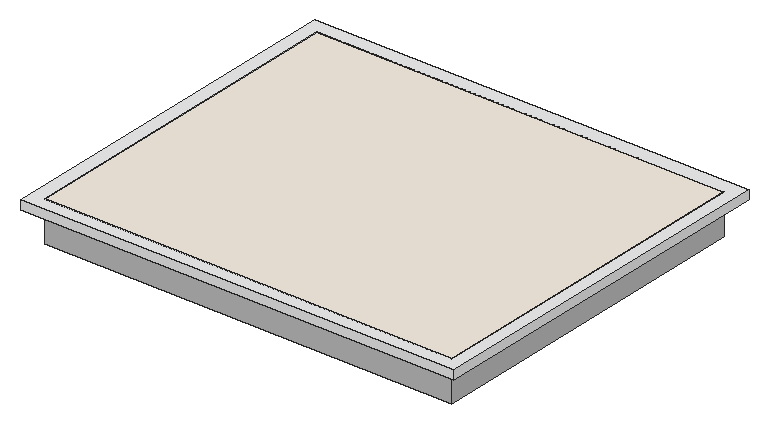
Revit family "Lighting-Industrial-GEWISS-ELIA-HL-LED_HIGHBAY", category Apparecchi per illuminazione, host Superficie, Revit 2019 (continued)
Types (12, lengths in mm): name | Weight (kg): | Weight (kg) | Voltage | Technical sheet | System power | Optic | built-in parameter 1150142 | Lumen output (lm) | Model | IDT | File diagramma fotometrico | Description
    66 8260.10 8264.93 8269.76 8272.98 8273.79 \r\n8273.79 8272.18 8268.15 8263.32 8256.08 8247.22 8236.76 \r\n8223.88 8209.39 8192.48 8173.97 8153.84 8130.50 8103.93 \r\n8076.56 8045.97 8013.77 7976.74 7938.91 7896.24 7850.36 \r\n7800.45 7745.71 7686.94 7622.54 7553.31 7478.45 7396.34 \r\n7308.59 7215.21 7115.39 7009.94 6898.85 6782.12 6658.15 \r\n6526.13 6379.62 6220.23 6046.35 5865.23 5686.52 5507.00 \r\n5329.10 5152.80 4978.92 4811.48 4649.68 4493.51 4342.17 \r\n4197.27 4062.03 3934.03 3810.87 3692.54 3576.62 3464.72 \r\n3349.61 3236.91 3126.62 3021.17 2921.35 2825.55 2729.76 \r\n2637.18 2547.83 2461.69 2378.78 2299.08 2219.39 2142.91 \r\n2068.05 1996.40 1926.37 1857.94 1790.32 1722.70 1655.08 \r\n1588.02 1522.01 1457.61 1395.63 1335.74 1277.86 1222.80 \r\n1170.95 1122.49 1077.90 1036.12 996.91 959.40 923.01 \r\n887.19 850.64 814.34 779.00 744.06 708.64 674.43 643.68 \r\n613.89 583.06 553.04 525.18 499.10 475.19 452.57 430.43 \r\n409.02 387.85 367.40 348.24 329.89 311.94 294.47 276.60 \r\n259.61 244.64 230.71 217.43 204.71 192.80 181.37 170.02 \r\n158.63 146.47 134.52 123.74 113.52 103.60 94.00 84.60 \r\n75.51 66.82 58.49 50.44 42.83 35.72 29.15 23.15 17.74 \r\n12.84 8.78 5.91 4.00 2.95 2.79 \r\n8062.88 8063.68 8065.29 8066.90 8069.32 8071.73 8075.76 \r\n8080.59 8085.42 8090.25 8096.69 8102.32 8109.57 8116.81 \r\n8125.67 8133.72 8140.96 8150.62 8159.48 8168.33 8177.99 \r\n8186.85 8196.51 8205.36 8214.22 8223.07 8231.93 8239.17 \r\n8246.42 8253.66 8260.10 8264.93 8269.76 8272.18 8274.59 \r\n8274.59 8272.98 8268.96 8264.13 8257.69 8249.64 8238.37 \r\n8227.10 8211.80 8195.70 8177.19 8157.06 8133.72 8108.76 \r\n8080.59 8050.00 8017.80 7982.38 7944.54 7902.68 7856.80 \r\n7807.69 7753.76 7695.80 7632.20 7563.78 7488.91 7408.41 \r\n7320.67 7228.90 7129.08 7023.62 6913.34 6797.42 6675.06 \r\n6541.43 6396.53 6237.94 6064.87 5884.55 5705.03 5524.71 \r\n5346.00 5168.90 4992.61 4820.34 4657.73 4501.56 4347.80 \r\n4202.10 4065.25 3935.64 3811.68 3694.14 3579.03 3466.33 \r\n3351.22 3237.71 3126.62 3019.56 2920.54 2824.74 2728.14 \r\n2633.96 2544.61 2458.47 2376.36 2296.67 2216.97 2140.49 \r\n2066.43 1993.99 1924.76 1857.13 1789.52 1721.90 1654.28 \r\n1587.22 1520.32 1455.04 1392.33 1332.11 1274.88 1220.62 \r\n1169.18 1120.80 1076.12 1034.34 994.90 957.23 920.60 \r\n884.53 848.07 811.84 776.42 741.40 706.23 672.34 641.99 \r\n612.61 581.69 551.67 523.81 497.81 473.98 451.61 429.63 \r\n408.14 386.96 366.52 347.60 329.41 311.62 294.07 276.03 \r\n258.97 244.08 230.39 217.19 204.47 192.56 181.04 169.53 \r\n157.99 145.85 134.01 123.37 113.28 103.37 93.75 84.36 \r\n75.29 66.65 58.37 50.37 42.78 35.69 29.12 23.14 17.73 \r\n12.87 8.82 5.95 4.04 2.97 2.80 \r\n8062.88 8063.68 8065.29 8066.90 8069.32 8071.73 8075.76 \r\n8080.59 8084.61 8090.25 8095.08 8102.32 8108.76 8116.81 \r\n8124.86 8132.91 8140.96 8149.82 8158.67 8168.33 8177.19 \r\n8186.85 8195.70 8205.36 8214.22 8222.27 8230.32 8238.37 \r\n8246.42 8252.86 8259.30 8264.93 8269.76 8272.98 8273.79 \r\n8274.59 8273.79 8269.76 8265.74 8259.30 8250.44 8240.78 \r\n8228.71 8214.22 8198.12 8180.41 8160.28 8137.74 8112.79 \r\n8085.42 8054.83 8022.63 7988.01 7950.18 7909.12 7864.85 \r\n7815.74 7761.81 7704.65 7642.67 7573.44 7500.18 7419.68 \r\n7333.55 7240.97 7141.96 7037.31 6927.83 6812.71 6689.55 \r\n6557.53 6412.63 6255.65 6083.38 5902.26 5721.94 5540.81 \r\n5362.10 5184.20 5004.68 4831.61 4665.78 4507.19 4353.44 \r\n4206.12 4068.47 3938.06 3813.29 3694.14 3579.84 3467.94 \r\n3352.83 3237.71 3125.82 3017.95 2918.93 2823.14 2726.54 \r\n2633.16 2542.99 2456.86 2373.95 2295.06 2215.36 2138.89 \r\n2064.83 1992.38 1923.95 1856.33 1789.52 1721.90 1654.28 \r\n1586.82 1519.12 1452.86 1389.51 1329.06 1272.38 1218.69 \r\n1167.65 1119.51 1074.76 1032.82 993.13 955.21 918.42 \r\n882.12 845.65 809.51 774.01 738.99 703.97 670.32 640.30 \r\n611.24 580.40 550.30 522.45 496.52 472.86 450.56 428.74 \r\n407.41 386.16 365.71 346.87 328.92 311.13 293.58 275.55 \r\n258.41 243.67 230.15 216.87 204.23 192.31 180.72 169.05 \r\n157.37 145.29 133.55 123.04 113.07 103.15 93.50 84.12 \r\n75.08 66.49 58.26 50.30 42.75 35.67 29.12 23.14 17.74 \r\n12.90 8.88 6.00 4.07 3.00 2.81 \r\n8062.88 8063.68 8065.29 8066.90 8069.32 8071.73 8075.76 \r\n8080.59 8084.61 8090.25 8095.08 8101.52 8108.76 8116.81 \r\n8124.06 8132.11 8140.96 8149.01 8157.87 8166.72 8176.38 \r\n8185.24 8195.70 8203.75 8212.61 8221.46 8230.32 8238.37 \r\n8244.81 8252.86 8258.49 8264.13 8268.96 8272.98 8273.79 \r\n8274.59 8273.79 8271.37 8265.74 8260.10 8252.05 8242.39 \r\n8230.32 8216.63 8200.53 8183.63 8164.31 8140.96 8116.01 \r\n8088.64 8058.85 8026.65 7992.84 7955.81 7914.76 7870.48 \r\n7822.18 7769.86 7712.70 7651.52 7583.90 7509.84 7430.15 \r\n7344.82 7253.05 7154.84 7050.99 6941.51 6826.40 6704.04 \r\n6572.82 6428.73 6273.36 6101.09 5920.77 5739.65 5557.72 \r\n5377.40 5198.69 5017.56 4840.46 4673.02 4513.63 4358.27 \r\n4210.15 4070.88 3939.67 3814.09 3694.14 3580.64 3468.75 \r\n3353.63 3237.71 3125.01 3017.14 2917.32 2822.33 2725.73 \r\n2631.55 2541.39 2455.25 2373.14 2293.45 2215.36 2138.89 \r\n2064.02 1992.38 1923.15 1856.33 1789.52 1721.90 1654.28 \r\n1586.82 1518.47 1451.42 1387.42 1326.72 1270.37 1217.32 \r\n1166.61 1118.63 1073.87 1031.69 991.68 953.52 916.33 \r\n879.95 843.48 807.33 771.67 736.58 701.80 668.47 638.69 \r\n609.79 579.12 549.09 521.40 495.40 471.89 449.59 427.86 \r\n406.69 385.35 364.91 346.23 328.36 310.65 293.10 275.07 \r\n257.84 243.19 229.83 216.63 204.07 192.07 180.40 168.65 \r\n156.81 144.80 133.20 122.79 112.89 102.97 93.28 83.91 \r\n74.90 66.35 58.16 50.24 42.72 35.68 29.13 23.14 17.75 \r\n12.94 8.94 6.05 4.11 3.02 2.82 \r\n8062.88 8063.68 8065.29 8066.90 8069.32 8071.73 8075.76 \r\n8080.59 8084.61 8090.25 8095.88 8101.52 8108.76 8116.81 \r\n8124.06 8132.11 8140.16 8149.01 8157.87 8166.72 8174.77 \r\n8185.24 8194.90 8203.75 8211.80 8221.46 8229.51 8237.56 \r\n8244.81 8252.05 8258.49 8263.32 8268.15 8272.18 8273.79 \r\n8274.59 8273.79 8271.37 8265.74 8260.91 8252.86 8242.39 \r\n8231.12 8218.24 8202.14 8186.04 8166.72 8143.38 8119.23 \r\n8091.86 8062.88 8032.29 7997.67 7960.64 7921.20 7876.92 \r\n7829.43 7777.10 7721.56 7659.57 7592.76 7519.50 7440.61 \r\n7355.28 7264.32 7166.91 7063.07 6954.39 6840.08 6718.53 \r\n6588.12 6445.63 6291.07 6120.41 5941.70 5757.36 5572.21 \r\n5390.28 5209.15 5027.22 4848.51 4681.07 4518.46 4362.29 \r\n4212.56 4072.49 3940.47 3814.09 3694.14 3577.42 3464.72 \r\n3348.80 3235.30 3124.21 3017.14 2918.13 2823.14 2727.34 \r\n2634.77 2545.41 2458.47 2375.56 2295.86 2216.97 2140.49 \r\n2066.43 1993.99 1925.56 1857.94 1791.13 1723.51 1655.08 \r\n1587.70 1518.87 1451.66 1388.14 1327.85 1271.10 1217.48 \r\n1166.85 1119.03 1074.11 1031.61 991.20 952.48 915.04 \r\n878.42 841.87 805.72 770.14 735.05 700.35 667.10 637.24 \r\n608.34 577.91 548.12 520.59 494.83 471.09 448.71 426.81 \r\n405.56 384.47 364.10 345.35 327.31 309.52 292.05 274.26 \r\n257.44 242.87 229.51 216.46 203.83 191.83 180.00 168.25 \r\n156.60 144.74 133.26 122.85 112.89 102.90 93.16 83.78 \r\n74.78 66.26 58.11 50.23 42.74 35.71 29.19 23.20 17.79 \r\n12.99 9.00 6.11 4.15 3.05 2.83 \r\n8062.88 8063.68 8065.29 8066.90 8069.32 8072.54 8074.95 \r\n8079.78 8084.61 8089.44 8095.08 8101.52 8107.96 8116.01 \r\n8123.25 8131.30 8140.16 8148.21 8157.06 8165.92 8174.77 \r\n8184.43 8194.09 8202.95 8211.00 8220.66 8228.71 8236.76 \r\n8244.00 8251.25 8257.69 8263.32 8267.35 8271.37 8272.98 \r\n8274.59 8273.79 8271.37 8266.54 8260.91 8253.66 8244.00 \r\n8232.73 8219.05 8203.75 8186.85 8168.33 8146.60 8121.64 \r\n8095.88 8066.90 8036.31 8002.50 7965.47 7926.03 7882.56 \r\n7835.06 7784.35 7728.00 7666.82 7600.81 7528.36 7450.27 \r\n7364.94 7273.98 7177.38 7075.14 6966.47 6851.35 6732.21 \r\n6601.80 6460.93 6307.98 6138.93 5961.02 5775.07 5585.89 \r\n5402.35 5219.62 5035.27 4856.56 4687.51 4524.10 4365.51 \r\n4214.98 4074.10 3941.28 3814.89 3693.34 3575.01 3459.09 \r\n3343.97 3230.47 3121.79 3016.34 2918.13 2823.14 2729.76 \r\n2637.99 2548.63 2462.49 2379.58 2299.89 2220.19 2143.72 \r\n2068.85 1997.21 1927.98 1861.16 1792.74 1725.12 1656.69 \r\n1588.75 1519.84 1452.54 1389.51 1329.62 1272.22 1217.97 \r\n1167.41 1119.84 1074.76 1031.93 990.96 951.75 914.00 \r\n877.21 840.58 804.44 768.78 733.76 699.14 665.98 635.87 \r\n606.73 576.70 547.40 520.11 494.43 470.44 447.66 425.76 \r\n404.59 383.58 363.30 344.38 326.27 308.40 290.85 273.54 \r\n257.04 242.63 229.18 216.22 203.67 191.59 179.68 168.00 \r\n156.46 144.77 133.43 122.99 112.94 102.88 93.09 83.69 \r\n74.69 66.20 58.07 50.22 42.75 35.76 29.25 23.25 17.84 \r\n13.05 9.07 6.17 4.19 3.08 2.85 \r\n8062.88 8063.68 8065.29 8066.90 8069.32 8072.54 8075.76 \r\n8079.78 8083.81 8089.44 8095.08 8100.71 8107.96 8115.20 \r\n8123.25 8131.30 8139.35 8147.40 8156.26 8165.11 8173.97 \r\n8183.63 8193.29 8201.34 8210.19 8219.85 8227.90 8235.95 \r\n8244.00 8250.44 8256.88 8262.52 8266.54 8270.57 8272.18 \r\n8273.79 8272.98 8270.57 8266.54 8260.91 8253.66 8244.00 \r\n8233.54 8220.66 8205.36 8188.46 8169.94 8149.01 8124.86 \r\n8098.30 8070.93 8040.34 8006.53 7971.11 7931.66 7888.19 \r\n7841.50 7790.79 7735.24 7674.87 7608.05 7536.41 7459.13 \r\n7375.41 7284.44 7188.65 7085.61 6977.74 6862.62 6743.48 \r\n6615.49 6475.42 6324.08 6156.64 5979.54 5791.17 5599.58 \r\n5412.82 5228.47 5044.13 4863.81 4693.15 4528.93 4368.73 \r\n4216.59 4075.71 3942.08 3814.89 3692.54 3571.79 3453.45 \r\n3338.34 3226.44 3119.38 3017.14 2918.13 2823.94 2732.17 \r\n2641.21 2552.66 2467.33 2384.41 2303.11 2223.41 2146.13 \r\n2072.07 2000.43 1931.20 1863.58 1795.15 1726.73 1658.30 \r\n1590.20 1520.97 1453.67 1391.28 1331.71 1273.75 1218.85 \r\n1168.30 1120.88 1075.64 1032.49 990.96 951.19 913.27 \r\n876.32 839.53 803.39 767.65 732.63 698.02 664.93 634.50 \r\n605.28 575.58 546.76 519.79 494.19 469.96 446.86 424.80 \r\n403.55 382.78 362.65 343.57 325.22 307.27 289.88 272.81 \r\n256.80 242.39 229.02 215.98 203.50 191.27 179.35 167.76 \r\n156.40 144.90 133.69 123.18 113.01 102.87 93.03 83.62 \r\n74.62 66.15 58.05 50.22 42.77 35.81 29.32 23.30 17.89 \r\n13.11 9.14 6.23 4.24 3.11 2.86 \r\n8062.88 8063.68 8065.29 8066.90 8069.32 8072.54 8075.76 \r\n8079.78 8083.81 8089.44 8095.08 8101.52 8107.15 8115.20 \r\n8122.45 8130.50 8138.55 8147.40 8155.45 8164.31 8173.16 \r\n8182.02 8192.48 8200.53 8210.19 8218.24 8227.10 8235.15 \r\n8243.20 8249.64 8256.08 8261.71 8266.54 8269.76 8272.18 \r\n8272.98 8272.18 8269.76 8266.54 8260.91 8254.47 8244.81 \r\n8234.34 8220.66 8206.17 8190.07 8171.55 8150.62 8127.28 \r\n8101.52 8073.34 8042.75 8010.55 7975.13 7936.49 7893.83 \r\n7847.14 7797.23 7741.68 7681.31 7614.49 7544.46 7467.98 \r\n7384.26 7293.30 7197.50 7095.27 6987.40 6873.09 6753.95 \r\n6627.56 6489.10 6338.57 6173.54 5997.25 5806.46 5610.85 \r\n5422.48 5236.52 5051.37 4870.25 4697.17 4532.15 4371.15 \r\n4218.20 4077.32 3943.69 3815.70 3691.73 3568.57 3448.62 \r\n3333.51 3223.22 3117.77 3017.14 2918.93 2824.74 2733.78 \r\n2645.23 2556.68 2471.35 2388.43 2307.13 2227.43 2149.35 \r\n2075.29 2003.65 1934.42 1866.80 1796.76 1728.34 1659.91 \r\n1591.57 1522.42 1455.20 1393.21 1333.97 1275.44 1219.74 \r\n1169.26 1121.93 1076.61 1033.14 991.20 950.95 912.63 \r\n875.60 838.73 802.50 766.76 731.75 697.13 663.88 633.21 \r\n603.83 574.53 546.11 519.47 494.11 469.56 446.13 423.91 \r\n402.74 382.13 362.09 342.93 324.33 306.30 288.91 272.33 \r\n256.71 242.39 228.86 215.90 203.42 191.11 179.11 167.68 \r\n156.41 145.10 134.01 123.41 113.11 102.89 92.99 83.56 \r\n74.58 66.11 58.02 50.22 42.79 35.85 29.37 23.35 17.92 \r\n13.16 9.21 6.29 4.28 3.13 2.88 \r\n8062.88 8063.68 8065.29 8066.90 8068.51 8071.73 8075.76 \r\n8078.98 8083.81 8088.64 8094.27 8100.71 8107.15 8114.40 \r\n8122.45 8129.69 8138.55 8146.60 8154.65 8163.50 8172.36 \r\n8181.21 8190.87 8200.53 8209.39 8217.44 8226.29 8234.34 \r\n8242.39 8248.83 8255.27 8261.71 8265.74 8268.96 8271.37 \r\n8272.18 8271.37 8269.76 8265.74 8260.91 8253.66 8244.81 \r\n8234.34 8222.27 8207.78 8191.68 8173.16 8153.04 8129.69 \r\n8103.93 8076.56 8046.78 8013.77 7979.16 7940.52 7897.85 \r\n7851.97 7802.06 7747.32 7686.94 7621.74 7550.90 7475.23 \r\n7391.51 7302.15 7205.55 7104.12 6996.25 6881.94 6764.41 \r\n6638.03 6501.18 6351.45 6188.84 6013.35 5820.95 5622.92 \r\n5431.33 5242.96 5056.20 4875.08 4702.00 4535.37 4373.56 \r\n4220.61 4078.13 3945.30 3815.70 3690.93 3565.35 3444.60 \r\n3329.48 3219.20 3116.16 3017.14 2918.93 2825.55 2735.39 \r\n2648.45 2560.71 2475.38 2392.46 2311.16 2230.66 2152.57 \r\n2078.51 2006.06 1936.83 1868.41 1799.98 1730.75 1661.52 \r\n1593.01 1523.87 1456.81 1395.15 1336.06 1276.97 1220.70 \r\n1170.31 1123.14 1077.65 1033.94 991.52 950.79 912.39 \r\n875.12 838.17 801.86 766.04 730.94 696.33 663.00 632.01 \r\n602.46 573.48 545.71 519.47 494.11 469.23 445.41 423.19 \r\n402.10 381.57 361.77 342.37 323.61 305.58 288.27 272.01 \r\n256.80 242.55 228.86 215.82 203.34 190.87 178.87 167.52 \r\n156.49 145.35 134.37 123.67 113.22 102.91 92.95 83.52 \r\n74.55 66.08 58.01 50.21 42.81 35.89 29.42 23.39 17.94 \r\n13.20 9.27 6.34 4.31 3.16 2.89 \r\n8062.88 8063.68 8065.29 8066.90 8068.51 8071.73 8075.76 \r\n8078.98 8083.81 8088.64 8095.08 8100.71 8107.15 8114.40 \r\n8121.64 8130.50 8138.55 8146.60 8154.65 8163.50 8171.55 \r\n8181.21 8190.07 8199.73 8207.78 8217.44 8226.29 8234.34 \r\n8241.59 8248.83 8254.47 8260.91 8264.93 8268.15 8270.57 \r\n8272.18 8271.37 8269.76 8265.74 8260.91 8253.66 8244.81 \r\n8234.34 8222.27 8208.58 8192.48 8173.97 8153.84 8132.11 \r\n8106.35 8078.98 8049.19 8016.99 7982.38 7943.74 7901.88 \r\n7855.99 7806.89 7752.15 7691.77 7627.37 7557.34 7482.47 \r\n7398.75 7308.59 7212.80 7111.37 7004.30 6889.99 6773.27 \r\n6647.69 6510.03 6362.72 6202.52 6027.84 5833.83 5632.58 \r\n5439.38 5248.60 5061.84 4879.91 4705.22 4537.78 4375.98 \r\n4222.22 4080.54 3946.91 3817.31 3690.93 3563.74 3440.57 \r\n3326.26 3216.78 3115.35 3017.14 2919.74 2825.55 2736.20 \r\n2650.87 2563.93 2478.60 2395.68 2314.38 2233.88 2154.99 \r\n2080.93 2009.28 1940.05 1870.82 1801.59 1732.36 1663.13 \r\n1594.46 1525.39 1458.34 1396.76 1337.75 1278.10 1221.51 \r\n1171.11 1124.18 1078.54 1034.67 991.92 950.87 912.23 \r\n874.87 837.92 801.46 765.56 730.38 695.60 662.19 630.88 \r\n601.09 572.60 545.39 519.39 494.11 469.07 444.84 422.63 \r\n401.53 381.17 361.53 342.04 323.13 305.01 287.79 271.93 \r\n257.12 242.71 228.94 215.90 203.18 190.70 178.71 167.52 \r\n156.63 145.65 134.75 123.95 113.32 102.94 92.94 83.50 \r\n74.54 66.07 57.98 50.19 42.79 35.90 29.45 23.41 17.94 \r\n13.22 9.32 6.38 4.34 3.17 2.90 \r\n8062.88 8063.68 8065.29 8066.90 8068.51 8071.73 8074.95 \r\n8079.78 8083.81 8088.64 8094.27 8099.91 8106.35 8113.59 \r\n8121.64 8129.69 8137.74 8145.79 8154.65 8162.70 8172.36 \r\n8180.41 8190.07 8198.92 8208.58 8216.63 8225.49 8233.54 \r\n8241.59 8248.03 8254.47 8260.10 8264.93 8268.15 8270.57 \r\n8271.37 8271.37 8268.96 8265.74 8260.91 8254.47 8245.61 \r\n8235.95 8223.07 8209.39 8194.09 8175.58 8155.45 8133.72 \r\n8108.76 8080.59 8051.61 8020.21 7984.79 7946.96 7904.29 \r\n7860.02 7810.11 7756.98 7697.41 7632.20 7563.78 7488.11 \r\n7405.19 7315.03 7220.04 7117.81 7009.94 6896.43 6778.10 \r\n6652.52 6517.28 6369.96 6210.57 6037.50 5843.49 5643.05 \r\n5447.43 5254.23 5065.06 4882.32 4706.83 4537.78 4376.78 \r\n4225.44 4084.57 3950.13 3819.73 3692.54 3566.15 3443.79 \r\n3328.68 3219.20 3116.16 3016.34 2918.93 2823.94 2734.59 \r\n2647.64 2561.51 2476.18 2394.07 2312.77 2233.07 2154.99 \r\n2080.93 2009.28 1939.25 1870.02 1801.59 1732.36 1663.93 \r\n1595.03 1526.04 1458.90 1395.95 1335.74 1276.65 1220.70 \r\n1170.71 1124.02 1078.54 1034.75 992.08 951.03 912.39 \r\n875.04 838.09 801.70 765.47 729.81 694.80 660.99 629.59 \r\n599.81 571.79 545.07 519.31 494.27 469.07 444.84 422.71 \r\n401.78 381.65 362.09 342.69 323.93 305.90 288.75 273.06 \r\n258.24 243.59 229.43 216.14 203.26 190.87 178.87 167.68 \r\n156.90 145.99 135.10 124.13 113.34 102.93 92.92 83.51 \r\n74.56 66.03 57.90 50.10 42.70 35.81 29.37 23.31 17.85 \r\n13.18 9.33 6.39 4.34 3.17 2.89 \r\n8062.88 8064.49 8065.29 8066.90 8069.32 8071.73 8075.76 \r\n8079.78 8083.81 8088.64 8094.27 8100.71 8106.35 8113.59 \r\n8120.84 8128.89 8137.74 8145.79 8153.84 8162.70 8171.55 \r\n8181.21 8189.26 8198.92 8207.78 8215.83 8224.68 8232.73 \r\n8240.78 8248.03 8253.66 8260.10 8264.13 8267.35 8270.57 \r\n8270.57 8271.37 8269.76 8265.74 8260.91 8254.47 8245.61 \r\n8235.95 8223.88 8209.39 8194.09 8177.19 8157.87 8134.52 \r\n8109.57 8083.00 8053.22 8021.82 7987.21 7948.57 7907.51 \r\n7862.43 7813.33 7760.20 7700.63 7637.03 7567.80 7492.13 \r\n7410.02 7320.67 7224.87 7123.44 7014.77 6900.46 6782.12 \r\n6656.54 6521.30 6375.60 6217.01 6044.74 5852.35 5651.10 \r\n5453.87 5
